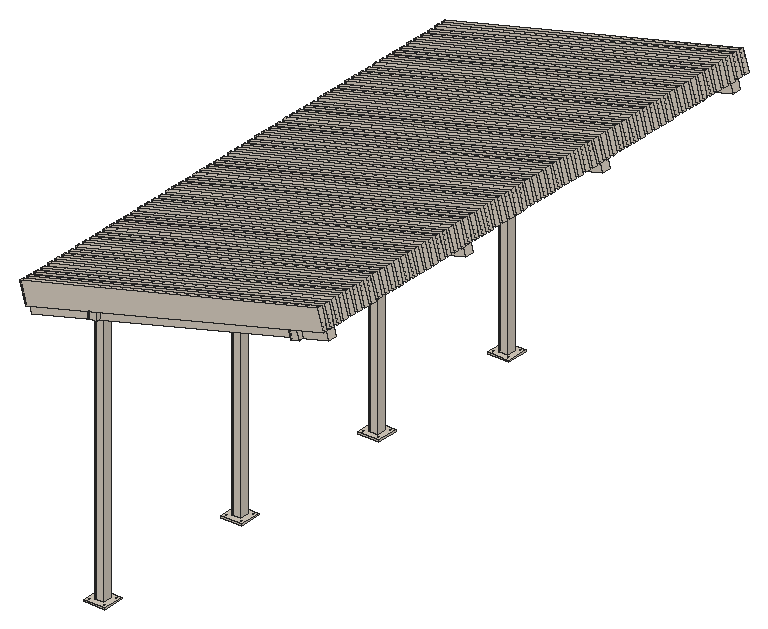
Revit family "Sun-Shades_ATEN_PalmSHIELD", category Generic Models, Revit 2021
Family settings
  Can host rebar = No
  Round Connector Dimension = Use Diameter
  Part Type = Normal
  Work Plane-Based = No
  Always vertical = Yes
  Cut with Voids When Loaded = No
  Shared = No
  Room Calculation Point = No
Parameters (values of type "Wood Finished 2" x 10"")
  Y1 [instance] = Length - 0' 8"  # 19' - 4"
  X3 [instance] = Column Center to Center - 0' 4"  # 6' - 4"
  X2 [instance] = Column Center to Center  # 6' - 8"
  X1 [instance] = (Length - (No. of Inset to Beams Vertical * 8' 0")) - 0' 8"  # 3' - 4"
  Wind & Privacy AD on Option - Vertical Privacy Aluminum Slats [instance] = no
  Wind & Privacy AD on Option - Privacy Planter & Trellis [instance] = no
  Wind & Privacy AD on Option - Privacy Laser Cut Aluminum Panels [instance] = no
  Wind & Privacy AD on Option - Horizontal Privacy Aluminum Slats [instance] = no
  Width [instance] = 12' - 0"
  Wall Purlins Length [instance] = Column Center to Center - 0' 4"  # 6' - 4"
  Wall Purlins Height [instance] = Underhanging Beams Height - 0' 1 3/4"  # 9' - 7"
  Vertical Purlin Length [instance] = Length + 0' 6"  # 20' - 6"
  Vertical Center to center = Purlin Height + 0' 2"  # 1' - 0"
  Underhanging Beams Height [instance] = Height - 0' 3 1/4"  # 9' - 8 3/4"
  URL = "https://palmshieldlouvers.com/"
  Trellis Height = 2' - 11.18099"
  T Height = Trellis Height - 0' 5"  # 2' - 6.18099"
  Standard Roof Options_Underhanging Beams_Vertical [instance] = no
  Standard Roof Options_Overhanging Beams_Vertical [instance] = yes
  Standard Roof Options_Inset to Beams_Horizontal [instance] = no
  Standard Roof Options_Inset to Beams_Vertical [instance] = no
  Specification = "https://www.arcat.com/company/palmshield-53925/spec"
  Roof Pitch [instance] = 15.00°
  Purlin Width Half = Purlin Width / 2  # 0' - 1"
  Purlin Width = 0' - 2"
  Purlins Spacing Desired [instance] = 0' - 2"
  Purlins Spacing Calculated [instance] = (Length - (No. of Purlins * Purlin Width)) / (No. of Purlins - 1)  # 0' - 2.0339"
  Purlin Height = 0' - 10"
  Product Page URL = "https://www.arcat.com/company/palmshield-53925"
  Planter Height = 1' - 6"
  Planter Depth = 1' - 6"
  No. of Wall Purlins in End [instance] = (Y1 / Center to Center)  # 58
  No. of Purlins [instance] = (Length / (Purlin Width + Purlins Spacing Desired))  # 60
  No. of Inset to Beams Vertical [instance] = No. of Columns - 1  # 2
  No. of Horizontal Wall Purlin [instance] = ((Underhanging Beams Height) / Vertical Center to center)  # 10
  No. of Columns [instance] = (Length / 8' 0")  # 3
  No. of BackSide Purlin [instance] = ((Column Center to Center - 0' 6") / Center to Center)  # 18
  Material [instance] = PalmSHIELD - Alloy
  Manufacturer = "PalmSHIELD"  # constant formula
  Length [instance] = 20' - 0"
  Keynote = "06 87 00"
  Inset to Beams Vertical Length [instance] = Column Center to Center - 0' 4"  # 6' - 4"
  Inset Beam Horizontal Length [instance] = Beam Center to Center + 0' 1 29/32"  # 7' - 7 31/32"
  Height [instance] = 10' - 0"
  Finish = "PalmSHIELD - Wood"
  Default Elevation = 0' - 0"
  Copyright = "©ARCAT"  # constant formula
  Column Height [instance] = Height + 0' 3 31/32"  # 10' - 3 31/32"
  Column Center to Center [instance] = Length / No. of Columns  # 6' - 8"
  Center to Center [instance] = Purlin Width + Purlins Spacing Calculated  # 0' - 4.0339"
  CAD Details = "https://www.arcat.com/company/palmshield-53925/cad"
  Beam Length [instance] = Length + 0' 8"  # 20' - 8"
  Beam Center to Center [instance] = Width - 4' 5 15/16"  # 7' - 6 1/16"
  B2 [instance] = Width  # 12' - 0"
  B1 = 3' - 0"
Reference planes (in)
  plane 1 "Center (Front/Back)": y = 0
  plane 2: z = 0
  plane 3 "Center (Left/Right)": x = 0
  plane 4: z = 120
  plane 5: x = 108
  plane 6: x = -36
  plane 7: y = -2
  plane 8: y = -6.0339
  plane 9: y = 236
  plane 10: y = 238
  plane 11: y = 242.0339
  plane 12: x = 2
  plane 13: x = -2
  plane 14: z = 90.67282
  plane 15: z = 124
  plane 16: y = -5.0339
  plane 17: z = 120.74069
  plane 18: y = 241.0339
  plane 19: y = 2.0339
  plane 20: z = 110
  plane 21: z = 109
  plane 22: x = 13
  plane 23: x = 9
  plane 24: z = 113
  plane 25: x = 1.99838
  plane 26: x = 92.06088
  plane 27: y = 80
  plane 28: x = 92.06073
  plane 29: y = 234
  plane 30: y = 194
  plane 31: x = 92.03047
  plane 32: x = 2.00556
  plane 33: x = 2.11453
  plane 34: x = 92.17303
  plane 35: y = 4.0339
  plane 36: y = 232
  plane 37: z = 3
  plane 38: z = 5
  plane 39: y = 231
  plane 40: y = 227
  plane 41: y = 78
  plane 42: y = 2.7839
  plane 43: y = 77.25
  plane 44: x = -26
  plane 45: x = -25.25
  plane 46: x = -2.75
  plane 47: z = 0.75
  plane 48: z = 18
  plane 49: z = 35.18099
  plane 50: z = 33.18099
  plane 51: y = 233.25
  plane 52: y = 194.75
  plane 53: x = -1.75
  plane 54: x = 91
  plane 55: x = 91
  plane 56: z = 4.5
  plane 57: z = 8.5339
  plane 58: y = 82
  plane 59: y = 100
  plane 60: z = 4
  plane 61: z = 16
  plane 62: y = 226.9661
  plane 63: y = 8.0678
  plane 64: z = 125.60046
  plane 65: z = 111.64025
  plane 66: z = 121.74713
Forms (in)
  Extrusion 1, solid, material "PalmSHIELD - Alloy" <- "Material", visible <- "Wind & Privacy AD on Option - Privacy Planter & Trellis"
    sketch origin (0, 0, 0) x (1, 0, 0) y (0, 1, 0)
      loop
        line (-26, 234) -> (-26, 2.0339) -> (-2, 2.0339) -> (-2, 234) -> (-26, 234)
      loop
        line (-25.25, 233.25) -> (-25.25, 2.7839) -> (-2.75, 2.7839) -> (-2.75, 233.25) -> (-25.25, 233.25)
    from 0.75 to 18
  Extrusion 2, solid, material "PalmSHIELD - Alloy" <- "Material", visible <- "Wind & Privacy AD on Option - Privacy Planter & Trellis"
    sketch origin (0, 0, 0) x (1, 0, 0) y (0, 1, 0)
      loop
        line (-26, 234) -> (-26, 2.0339) -> (-2, 2.0339) -> (-2, 234) -> (-26, 234)
    from 0 to 0.75
  Extrusion 3, solid, material "PalmSHIELD - Alloy" <- "Material", visible <- "Wind & Privacy AD on Option - Privacy Laser Cut Aluminum Panels"
    sketch origin (0, 0, 0) x (1, 0, 0) y (0, 1, 0)
      loop
        line (-2, 2.0339) -> (-1.75, 2.0339) -> (-1.75, 234) -> (-2, 234) -> (-2, 2.0339)
    from 3 to 120
Lines and regions (in)
  reference lines
    curve 1: line (-0.3473, -5.0339, 123.85989) -> (-0.3473, -3, 123.85989)
    curve 2: line (2, 0, 124) -> (108, 0, 152.40261)
    curve 3: line (2, 0, 120) -> (108, 0, 148.40261)
Dimensions and locks (in)
  "Height": plane 4 to plane 2
  "Width": plane 5 to plane 6
  "B1": plane 3 "Center (Left/Right)" to plane 6
  "Length": plane 10 to plane 7
  plane 13 to plane 3 "Center (Left/Right)" to plane 12 = 0' - 2" locked, 0' - 2" locked
  "Purlin Width Half": plane 16 to plane 8
  locked: plane 15 to plane 4 at 4
  equal spacing: group 1, group 2, group 3  (x3)
  locked: plane 17 to plane 4 at 0.74069
  "Purlin Width Half": plane 11 to plane 18
  "Purlins Spacing Calculated": plane 1 "Center (Front/Back)" to plane 19
  "Purlin Height": plane 4 to plane 20
  plane 15 to plane 21 = 1' - 3"
  locked: plane 22 to plane 13 at 15
  locked: plane 24 to plane 21 at 4
  plane 5 to plane 6 = 12' - 0"
  locked: plane 5 to plane 26 at 15.93912
  "Beam Center to Center": plane 25 to plane 26
  "Column Center to Center": plane 27 to plane 1 "Center (Front/Back)"
  plane 6 to plane 5 = 12' - 0"
  locked: plane 28 to plane 5 at 15.93927
  locked: plane 9 to plane 29 at 2
  "X1": plane 29 to plane 30
  locked: plane 31 to plane 5 at 15.96953
  locked: plane 3 "Center (Left/Right)" to plane 32 at 2.00556
  locked: plane 3 "Center (Left/Right)" to plane 33 at 2.11453
  locked: plane 34 to plane 5 at 15.82697
  locked: plane 29 to plane 36 at 2
  equal spacing: group 4, group 5, group 6, group 7, group 8, group 9, group 10, group 11, group 12, group 13, group 34, group 35, group 36, group 40, group 41, group 42, group 43, group 44, group 45, group 46, group 47, group 48, group 49, group 50, group 51, group 64, group 65, group 66, group 67, group 68, group 69, group 70, group 71, group 72, group 73, group 74, group 75, group 76, group 77, group 78, group 79, group 80, group 81, group 82, group 83, group 84, group 106, group 107, group 108, group 109, group 110, group 111, group 112, group 113, group 114, group 115, group 116, group 117  (x2)
  equal spacing: group 117, group 116, group 115, group 114, group 113, group 112, group 111, group 110, group 109, group 108, group 107, group 106, group 84, group 83, group 82, group 81, group 80, group 79, group 78, group 77, group 76, group 75, group 74, group 73, group 72, group 71, group 70, group 69, group 68, group 67, group 66, group 65, group 64, group 51, group 50, group 49, group 48, group 47, group 46, group 45, group 44, group 43, group 42, group 41, group 40, group 36, group 35, group 34, group 13, group 12, group 11, group 10, group 9, group 8, group 7, group 6, group 5, group 4
  locked: plane 36 to plane 39 at 1
  locked: plane 39 to plane 40 at 4
  locked: plane 27 to plane 41 at 2
  equal spacing: group 14, group 15, group 16, group 17, group 18, group 19, group 20, group 21, group 22, group 23  (x3)
  locked: plane 19 to plane 42 at 0.75
  locked: plane 41 to plane 43 at 0.75
  locked: plane 44 to plane 45 at 0.75
  locked: plane 46 to plane 13 at 0.75
  locked: plane 47 to plane 2 at 0.75
  "Planter Height": plane 48 to plane 2
  locked: plane 49 to plane 50 at 2
  "Trellis Height": plane 49 to plane 2
  locked: plane 29 to plane 51 at 0.75
  locked: plane 52 to plane 30 at 0.75
  equal spacing: group 24, group 25, group 26, group 27, group 28, group 29, group 30, group 31, group 32, group 33, group 37, group 38, group 39, group 52, group 53, group 54, group 55, group 56, group 57, group 58, group 59, group 60, group 61, group 62, group 63, group 85, group 86, group 87, group 88, group 89, group 90, group 91, group 92, group 93, group 94, group 95, group 96, group 97, group 98, group 99, group 100, group 101, group 102, group 103, group 104, group 105, group 118, group 119, group 120, group 121, group 122, group 123, group 124, group 125, group 126, group 127, group 128, group 129  (x2)
  equal spacing: group 129, group 128, group 127, group 126, group 125, group 124, group 123, group 122, group 121, group 120, group 119, group 118, group 105, group 104, group 103, group 102, group 101, group 100, group 99, group 98, group 97, group 96, group 95, group 94, group 93, group 92, group 91, group 90, group 89, group 88, group 87, group 86, group 85, group 63, group 62, group 61, group 60, group 59, group 58, group 57, group 56, group 55, group 54, group 53, group 52, group 39, group 38, group 37, group 33, group 32, group 31, group 30, group 29, group 28, group 27, group 26, group 25, group 24
  locked: plane 13 to plane 53 at 0.25
  locked: plane 54 to plane 5 at 17
  locked: plane 55 to plane 5 at 17
  locked: plane 47 to plane 56 at 3.75
  "Center to Center": plane 56 to plane 57
  locked: plane 41 to plane 58 at 4
  "Vertical Center to center": plane 61 to plane 60
  locked: plane 60 to plane 47 at 3.25
  "Center to Center": plane 62 to plane 39
  "Center to Center": plane 35 to plane 63
  locked: Extrusion 1 sketch curve to Extrusion 1 sketch curve at 0.75
  locked: plane 64 to plane 15 at 1.60046
  locked: plane 65 to plane 20 at 1.64025
  locked: plane 15 to plane 66 at 2.25287
  plane 9 to plane 36 = 0' - 4"
  "Center to Center": plane 1 "Center (Front/Back)" to plane 35
  locked: nested 113 to curve 3 at 15.65138
  plane 1 "Center (Front/Back)" to plane 27 = 6' - 8"
  nested 1 to nested 1 = 10' - 3 31/32"
  "Purlin Width": nested 1 to plane 7
  "Center to Center": plane 7 to plane 8
  "Center to Center": plane 11 to plane 10
  "Purlin Width": plane 10 to plane 9
  "Roof Pitch": angle plane 15 to curve 2
  "Roof Pitch": angle plane 4 to curve 3
  aligned and locked: plane 2 to level
  aligned and locked: nested 2 to plane 3 "Center (Left/Right)"
  aligned and locked: plane 13 to nested 3
  aligned and locked: nested 3 to plane 4
  aligned and locked: nested 2 to plane 9
  aligned and locked: plane 29 to nested 16
  aligned and locked: plane 3 "Center (Left/Right)" to nested 16
  aligned and locked: plane 3 "Center (Left/Right)" to nested 17
  aligned and locked: Extrusion 1 sketch curve to plane 29
  aligned and locked: Extrusion 1 sketch curve to plane 51
  aligned and locked: Extrusion 1 sketch curve to plane 44
  aligned and locked: Extrusion 1 sketch curve to plane 45
  aligned and locked: plane 13 to Extrusion 1 sketch curve
  aligned and locked: plane 46 to Extrusion 1 sketch curve
  aligned and locked: Extrusion 1 to plane 47
  aligned and locked: plane 48 to Extrusion 1
  aligned and locked: Extrusion 2 sketch curve to plane 29
  aligned and locked: Extrusion 2 sketch curve to plane 44
  aligned and locked: plane 13 to Extrusion 2 sketch curve
  aligned and locked: plane 29 to nested 26
  aligned and locked: nested 37 to plane 49
  aligned and locked: plane 38 to nested 26
  aligned and locked: plane 3 "Center (Left/Right)" to nested 26
  aligned and locked: plane 3 "Center (Left/Right)" to nested 37
  aligned and locked: plane 29 to nested 37
  aligned and locked: plane 13 to Extrusion 3 sketch curve
  aligned and locked: plane 53 to Extrusion 3 sketch curve
  aligned and locked: Extrusion 3 sketch curve to plane 29
  aligned and locked: nested 4 to plane 27
  aligned and locked: plane 60 to nested 16
  aligned and locked: plane 61 to nested 17
  aligned and locked: nested 6 to plane 39
  aligned and locked: nested 7 to plane 62
  aligned and locked: plane 29 to nested 17
  aligned and locked: nested 27 to plane 39
  aligned and locked: nested 28 to plane 62
  aligned and locked: plane 19 to Extrusion 3
  aligned and locked: plane 19 to Extrusion 1 sketch curve
  aligned and locked: plane 19 to Extrusion 2
  aligned and locked: Extrusion 3 to plane 4
  aligned and locked: nested 110 to plane 37
  aligned and locked: plane 19 to nested 110
  aligned and locked: plane 12 to curve 2
  aligned and locked: plane 15 to curve 2
  aligned and locked: plane 5 to curve 2
  aligned and locked: plane 12 to curve 3
  aligned and locked: plane 4 to curve 3
  aligned and locked: plane 5 to curve 3
  aligned and locked: nested 112 to curve 3  (x2)
  aligned and locked: nested 113 to plane 8
  aligned and locked: nested 113 to curve 3
  aligned and locked: plane 1 "Center (Front/Back)" to nested 1
  aligned and locked: nested 1 to plane 3 "Center (Left/Right)"
  aligned and locked: nested 4 to plane 3 "Center (Left/Right)"
  aligned and locked: plane 2 to nested 2
  aligned and locked: plane 35 to nested 138
  aligned and locked: nested 139 to plane 35
  aligned and locked: nested 139 to curve 3
  aligned and locked: nested 138 to curve 3
  aligned and locked: nested 140 to plane 8
  aligned and locked: nested 141 to plane 8
  aligned and locked: plane 11 to nested 142
  aligned and locked: plane 11 to nested 143
  aligned and locked: nested 1 to curve 3
  aligned and locked: nested 140 to curve 2
  aligned and locked: nested 143 to curve 2
  aligned and locked: nested 141 to curve 3
  aligned and locked: nested 142 to curve 3
  aligned and locked: plane 7 to nested 111
  aligned and locked: plane 7 to nested 112
  aligned and locked: nested 111 to curve 2
Automatic sketch dimensions
  Extrusion 3 sketch curve to plane 30 = 15' - 11.9661"
  Extrusion 2 sketch curve to plane 30 = 15' - 11.9661"
  plane 16 to curve 1 = 0' - 0"
  curve 1 to plane 7 = 0' - 1"
Nested families (in)
  nested 1: "STEEL SQ TUBE 4 X 4 X 0.25 CAPPED ASTM A500 GR.B" at (0, 0, 0), type "STEEL SQ TUBE 4 X 4 X 0.25 CAPPED ASTM A500 GR.B"
  nested 2: "STEEL SQ TUBE 4 X 4 X 0.25 CAPPED ASTM A500 GR.B" at (0, 236, 0), type "STEEL SQ TUBE 4 X 4 X 0.25 CAPPED ASTM A500 GR.B"
  nested 3: "STEEL SQ BEAM" at (-2, -6, 120) x (-1, 0, 0) z (0, 0, 1), type "STEEL SQ BEAM"
  nested 4: "STEEL SQ TUBE 4 X 4 X 0.25 CAPPED ASTM A500 GR.B" at (0, 80, 0), type "STEEL SQ TUBE 4 X 4 X 0.25 CAPPED ASTM A500 GR.B"
  nested 5: "STEEL SQ TUBE 4 X 4 X 0.25 CAPPED ASTM A500 GR.B" at (0, 160, 0), type "STEEL SQ TUBE 4 X 4 X 0.25 CAPPED ASTM A500 GR.B"
  nested 6: "Vertical Purlin" at (0, 231, 5), visible <- "Wind & Privacy AD on Option - Vertical Privacy Aluminum Slats", type "Vertical Purlin"
  nested 7: "Vertical Purlin" at (0, 226.9661, 5), visible <- "Wind & Privacy AD on Option - Vertical Privacy Aluminum Slats", type "Vertical Purlin"
  nested 8: "Vertical Purlin" at (0, 222.9322, 5), visible <- "Wind & Privacy AD on Option - Vertical Privacy Aluminum Slats", type "Vertical Purlin"
  nested 9: "Vertical Purlin" at (0, 218.89831, 5), visible <- "Wind & Privacy AD on Option - Vertical Privacy Aluminum Slats", type "Vertical Purlin"
  nested 10: "Vertical Purlin" at (0, 214.86441, 5), visible <- "Wind & Privacy AD on Option - Vertical Privacy Aluminum Slats", type "Vertical Purlin"
  nested 11: "Vertical Purlin" at (0, 210.83051, 5), visible <- "Wind & Privacy AD on Option - Vertical Privacy Aluminum Slats", type "Vertical Purlin"
  nested 12: "Vertical Purlin" at (0, 206.79661, 5), visible <- "Wind & Privacy AD on Option - Vertical Privacy Aluminum Slats", type "Vertical Purlin"
  nested 13: "Vertical Purlin" at (0, 202.76271, 5), visible <- "Wind & Privacy AD on Option - Vertical Privacy Aluminum Slats", type "Vertical Purlin"
  nested 14: "Vertical Purlin" at (0, 198.72881, 5), visible <- "Wind & Privacy AD on Option - Vertical Privacy Aluminum Slats", type "Vertical Purlin"
  nested 15: "Vertical Purlin" at (0, 194.69492, 5), visible <- "Wind & Privacy AD on Option - Vertical Privacy Aluminum Slats", type "Vertical Purlin"
  nested 16: "ALUMINUM RECT TUBE PURLIN" at (0, 118, -1.125), visible <- "Wind & Privacy AD on Option - Horizontal Privacy Aluminum Slats", type "Aluminum Rect Tube Wall Purlins Horizontal"
  nested 17: "ALUMINUM RECT TUBE PURLIN" at (0, 118, 10.875), visible <- "Wind & Privacy AD on Option - Horizontal Privacy Aluminum Slats", type "Aluminum Rect Tube Wall Purlins Horizontal"
  nested 18: "ALUMINUM RECT TUBE PURLIN" at (0, 118, 22.875), visible <- "Wind & Privacy AD on Option - Horizontal Privacy Aluminum Slats", type "Aluminum Rect Tube Wall Purlins Horizontal"
  nested 19: "ALUMINUM RECT TUBE PURLIN" at (0, 118, 34.875), visible <- "Wind & Privacy AD on Option - Horizontal Privacy Aluminum Slats", type "Aluminum Rect Tube Wall Purlins Horizontal"
  nested 20: "ALUMINUM RECT TUBE PURLIN" at (0, 118, 46.875), visible <- "Wind & Privacy AD on Option - Horizontal Privacy Aluminum Slats", type "Aluminum Rect Tube Wall Purlins Horizontal"
  nested 21: "ALUMINUM RECT TUBE PURLIN" at (0, 118, 58.875), visible <- "Wind & Privacy AD on Option - Horizontal Privacy Aluminum Slats", type "Aluminum Rect Tube Wall Purlins Horizontal"
  nested 22: "ALUMINUM RECT TUBE PURLIN" at (0, 118, 70.875), visible <- "Wind & Privacy AD on Option - Horizontal Privacy Aluminum Slats", type "Aluminum Rect Tube Wall Purlins Horizontal"
  nested 23: "ALUMINUM RECT TUBE PURLIN" at (0, 118, 82.875), visible <- "Wind & Privacy AD on Option - Horizontal Privacy Aluminum Slats", type "Aluminum Rect Tube Wall Purlins Horizontal"
  nested 24: "ALUMINUM RECT TUBE PURLIN" at (0, 118, 94.875), visible <- "Wind & Privacy AD on Option - Horizontal Privacy Aluminum Slats", type "Aluminum Rect Tube Wall Purlins Horizontal"
  nested 25: "ALUMINUM RECT TUBE PURLIN" at (0, 118, 106.875), visible <- "Wind & Privacy AD on Option - Horizontal Privacy Aluminum Slats", type "Aluminum Rect Tube Wall Purlins Horizontal"
  nested 26: "ALUMINUM RECT TUBE PURLIN" at (0, 118, 2.875), visible <- "Wind & Privacy AD on Option - Privacy Planter & Trellis", type "Trellis Purlin"
  nested 27: "Vertical Purlin" at (0, 231, 5), visible <- "Wind & Privacy AD on Option - Privacy Planter & Trellis", type "Trellis Vertical Purlin"
  nested 28: "Vertical Purlin" at (0, 226.9661, 5), visible <- "Wind & Privacy AD on Option - Privacy Planter & Trellis", type "Trellis Vertical Purlin"
  nested 29: "Vertical Purlin" at (0, 222.9322, 5), visible <- "Wind & Privacy AD on Option - Privacy Planter & Trellis", type "Trellis Vertical Purlin"
  nested 30: "Vertical Purlin" at (0, 218.89831, 5), visible <- "Wind & Privacy AD on Option - Privacy Planter & Trellis", type "Trellis Vertical Purlin"
  nested 31: "Vertical Purlin" at (0, 214.86441, 5), visible <- "Wind & Privacy AD on Option - Privacy Planter & Trellis", type "Trellis Vertical Purlin"
  nested 32: "Vertical Purlin" at (0, 210.83051, 5), visible <- "Wind & Privacy AD on Option - Privacy Planter & Trellis", type "Trellis Vertical Purlin"
  nested 33: "Vertical Purlin" at (0, 206.79661, 5), visible <- "Wind & Privacy AD on Option - Privacy Planter & Trellis", type "Trellis Vertical Purlin"
  nested 34: "Vertical Purlin" at (0, 202.76271, 5), visible <- "Wind & Privacy AD on Option - Privacy Planter & Trellis", type "Trellis Vertical Purlin"
  nested 35: "Vertical Purlin" at (0, 198.72881, 5), visible <- "Wind & Privacy AD on Option - Privacy Planter & Trellis", type "Trellis Vertical Purlin"
  nested 36: "Vertical Purlin" at (0, 194.69492, 5), visible <- "Wind & Privacy AD on Option - Privacy Planter & Trellis", type "Trellis Vertical Purlin"
  nested 37: "ALUMINUM RECT TUBE PURLIN" at (0, 118, 35.05599), visible <- "Wind & Privacy AD on Option - Privacy Planter & Trellis", type "Trellis Purlin"
  nested 38: "Vertical Purlin" at (0, 190.66102, 5), visible <- "Wind & Privacy AD on Option - Vertical Privacy Aluminum Slats", type "Vertical Purlin"
  nested 39: "Vertical Purlin" at (0, 186.62712, 5), visible <- "Wind & Privacy AD on Option - Vertical Privacy Aluminum Slats", type "Vertical Purlin"
  nested 40: "Vertical Purlin" at (0, 182.59322, 5), visible <- "Wind & Privacy AD on Option - Vertical Privacy Aluminum Slats", type "Vertical Purlin"
  nested 41: "Vertical Purlin" at (0, 190.66102, 5), visible <- "Wind & Privacy AD on Option - Privacy Planter & Trellis", type "Trellis Vertical Purlin"
  nested 42: "Vertical Purlin" at (0, 186.62712, 5), visible <- "Wind & Privacy AD on Option - Privacy Planter & Trellis", type "Trellis Vertical Purlin"
  nested 43: "Vertical Purlin" at (0, 182.59322, 5), visible <- "Wind & Privacy AD on Option - Privacy Planter & Trellis", type "Trellis Vertical Purlin"
  nested 44: "Vertical Purlin" at (0, 178.55932, 5), visible <- "Wind & Privacy AD on Option - Vertical Privacy Aluminum Slats", type "Vertical Purlin"
  nested 45: "Vertical Purlin" at (0, 174.52542, 5), visible <- "Wind & Privacy AD on Option - Vertical Privacy Aluminum Slats", type "Vertical Purlin"
  nested 46: "Vertical Purlin" at (0, 170.49153, 5), visible <- "Wind & Privacy AD on Option - Vertical Privacy Aluminum Slats", type "Vertical Purlin"
  nested 47: "Vertical Purlin" at (0, 166.45763, 5), visible <- "Wind & Privacy AD on Option - Vertical Privacy Aluminum Slats", type "Vertical Purlin"
  nested 48: "Vertical Purlin" at (0, 162.42373, 5), visible <- "Wind & Privacy AD on Option - Vertical Privacy Aluminum Slats", type "Vertical Purlin"
  nested 49: "Vertical Purlin" at (0, 158.38983, 5), visible <- "Wind & Privacy AD on Option - Vertical Privacy Aluminum Slats", type "Vertical Purlin"
  nested 50: "Vertical Purlin" at (0, 154.35593, 5), visible <- "Wind & Privacy AD on Option - Vertical Privacy Aluminum Slats", type "Vertical Purlin"
  nested 51: "Vertical Purlin" at (0, 150.32203, 5), visible <- "Wind & Privacy AD on Option - Vertical Privacy Aluminum Slats", type "Vertical Purlin"
  nested 52: "Vertical Purlin" at (0, 146.28814, 5), visible <- "Wind & Privacy AD on Option - Vertical Privacy Aluminum Slats", type "Vertical Purlin"
  nested 53: "Vertical Purlin" at (0, 142.25424, 5), visible <- "Wind & Privacy AD on Option - Vertical Privacy Aluminum Slats", type "Vertical Purlin"
  nested 54: "Vertical Purlin" at (0, 138.22034, 5), visible <- "Wind & Privacy AD on Option - Vertical Privacy Aluminum Slats", type "Vertical Purlin"
  nested 55: "Vertical Purlin" at (0, 134.18644, 5), visible <- "Wind & Privacy AD on Option - Vertical Privacy Aluminum Slats", type "Vertical Purlin"
  nested 56: "Vertical Purlin" at (0, 178.55932, 5), visible <- "Wind & Privacy AD on Option - Privacy Planter & Trellis", type "Trellis Vertical Purlin"
  nested 57: "Vertical Purlin" at (0, 174.52542, 5), visible <- "Wind & Privacy AD on Option - Privacy Planter & Trellis", type "Trellis Vertical Purlin"
  nested 58: "Vertical Purlin" at (0, 170.49153, 5), visible <- "Wind & Privacy AD on Option - Privacy Planter & Trellis", type "Trellis Vertical Purlin"
  nested 59: "Vertical Purlin" at (0, 166.45763, 5), visible <- "Wind & Privacy AD on Option - Privacy Planter & Trellis", type "Trellis Vertical Purlin"
  nested 60: "Vertical Purlin" at (0, 162.42373, 5), visible <- "Wind & Privacy AD on Option - Privacy Planter & Trellis", type "Trellis Vertical Purlin"
  nested 61: "Vertical Purlin" at (0, 158.38983, 5), visible <- "Wind & Privacy AD on Option - Privacy Planter & Trellis", type "Trellis Vertical Purlin"
  nested 62: "Vertical Purlin" at (0, 154.35593, 5), visible <- "Wind & Privacy AD on Option - Privacy Planter & Trellis", type "Trellis Vertical Purlin"
  nested 63: "Vertical Purlin" at (0, 150.32203, 5), visible <- "Wind & Privacy AD on Option - Privacy Planter & Trellis", type "Trellis Vertical Purlin"
  nested 64: "Vertical Purlin" at (0, 146.28814, 5), visible <- "Wind & Privacy AD on Option - Privacy Planter & Trellis", type "Trellis Vertical Purlin"
  nested 65: "Vertical Purlin" at (0, 142.25424, 5), visible <- "Wind & Privacy AD on Option - Privacy Planter & Trellis", type "Trellis Vertical Purlin"
  nested 66: "Vertical Purlin" at (0, 138.22034, 5), visible <- "Wind & Privacy AD on Option - Privacy Planter & Trellis", type "Trellis Vertical Purlin"
  nested 67: "Vertical Purlin" at (0, 134.18644, 5), visible <- "Wind & Privacy AD on Option - Privacy Planter & Trellis", type "Trellis Vertical Purlin"
  nested 68: "Vertical Purlin" at (0, 130.15254, 5), visible <- "Wind & Privacy AD on Option - Vertical Privacy Aluminum Slats", type "Vertical Purlin"
  nested 69: "Vertical Purlin" at (0, 126.11864, 5), visible <- "Wind & Privacy AD on Option - Vertical Privacy Aluminum Slats", type "Vertical Purlin"
  nested 70: "Vertical Purlin" at (0, 122.08475, 5), visible <- "Wind & Privacy AD on Option - Vertical Privacy Aluminum Slats", type "Vertical Purlin"
  nested 71: "Vertical Purlin" at (0, 118.05085, 5), visible <- "Wind & Privacy AD on Option - Vertical Privacy Aluminum Slats", type "Vertical Purlin"
  nested 72: "Vertical Purlin" at (0, 114.01695, 5), visible <- "Wind & Privacy AD on Option - Vertical Privacy Aluminum Slats", type "Vertical Purlin"
  nested 73: "Vertical Purlin" at (0, 109.98305, 5), visible <- "Wind & Privacy AD on Option - Vertical Privacy Aluminum Slats", type "Vertical Purlin"
  nested 74: "Vertical Purlin" at (0, 105.94915, 5), visible <- "Wind & Privacy AD on Option - Vertical Privacy Aluminum Slats", type "Vertical Purlin"
  nested 75: "Vertical Purlin" at (0, 101.91525, 5), visible <- "Wind & Privacy AD on Option - Vertical Privacy Aluminum Slats", type "Vertical Purlin"
  nested 76: "Vertical Purlin" at (0, 97.88136, 5), visible <- "Wind & Privacy AD on Option - Vertical Privacy Aluminum Slats", type "Vertical Purlin"
  nested 77: "Vertical Purlin" at (0, 93.84746, 5), visible <- "Wind & Privacy AD on Option - Vertical Privacy Aluminum Slats", type "Vertical Purlin"
  nested 78: "Vertical Purlin" at (0, 89.81356, 5), visible <- "Wind & Privacy AD on Option - Vertical Privacy Aluminum Slats", type "Vertical Purlin"
  nested 79: "Vertical Purlin" at (0, 85.77966, 5), visible <- "Wind & Privacy AD on Option - Vertical Privacy Aluminum Slats", type "Vertical Purlin"
  nested 80: "Vertical Purlin" at (0, 81.74576, 5), visible <- "Wind & Privacy AD on Option - Vertical Privacy Aluminum Slats", type "Vertical Purlin"
  nested 81: "Vertical Purlin" at (0, 77.71186, 5), visible <- "Wind & Privacy AD on Option - Vertical Privacy Aluminum Slats", type "Vertical Purlin"
  nested 82: "Vertical Purlin" at (0, 73.67797, 5), visible <- "Wind & Privacy AD on Option - Vertical Privacy Aluminum Slats", type "Vertical Purlin"
  nested 83: "Vertical Purlin" at (0, 69.64407, 5), visible <- "Wind & Privacy AD on Option - Vertical Privacy Aluminum Slats", type "Vertical Purlin"
  nested 84: "Vertical Purlin" at (0, 65.61017, 5), visible <- "Wind & Privacy AD on Option - Vertical Privacy Aluminum Slats", type "Vertical Purlin"
  nested 85: "Vertical Purlin" at (0, 61.57627, 5), visible <- "Wind & Privacy AD on Option - Vertical Privacy Aluminum Slats", type "Vertical Purlin"
  nested 86: "Vertical Purlin" at (0, 57.54237, 5), visible <- "Wind & Privacy AD on Option - Vertical Privacy Aluminum Slats", type "Vertical Purlin"
  nested 87: "Vertical Purlin" at (0, 53.50847, 5), visible <- "Wind & Privacy AD on Option - Vertical Privacy Aluminum Slats", type "Vertical Purlin"
  nested 88: "Vertical Purlin" at (0, 49.47458, 5), visible <- "Wind & Privacy AD on Option - Vertical Privacy Aluminum Slats", type "Vertical Purlin"
  nested 89: "Vertical Purlin" at (0, 130.15254, 5), visible <- "Wind & Privacy AD on Option - Privacy Planter & Trellis", type "Trellis Vertical Purlin"
  nested 90: "Vertical Purlin" at (0, 126.11864, 5), visible <- "Wind & Privacy AD on Option - Privacy Planter & Trellis", type "Trellis Vertical Purlin"
  nested 91: "Vertical Purlin" at (0, 122.08475, 5), visible <- "Wind & Privacy AD on Option - Privacy Planter & Trellis", type "Trellis Vertical Purlin"
  nested 92: "Vertical Purlin" at (0, 118.05085, 5), visible <- "Wind & Privacy AD on Option - Privacy Planter & Trellis", type "Trellis Vertical Purlin"
  nested 93: "Vertical Purlin" at (0, 114.01695, 5), visible <- "Wind & Privacy AD on Option - Privacy Planter & Trellis", type "Trellis Vertical Purlin"
  nested 94: "Vertical Purlin" at (0, 109.98305, 5), visible <- "Wind & Privacy AD on Option - Privacy Planter & Trellis", type "Trellis Vertical Purlin"
  nested 95: "Vertical Purlin" at (0, 105.94915, 5), visible <- "Wind & Privacy AD on Option - Privacy Planter & Trellis", type "Trellis Vertical Purlin"
  nested 96: "Vertical Purlin" at (0, 101.91525, 5), visible <- "Wind & Privacy AD on Option - Privacy Planter & Trellis", type "Trellis Vertical Purlin"
  nested 97: "Vertical Purlin" at (0, 97.88136, 5), visible <- "Wind & Privacy AD on Option - Privacy Planter & Trellis", type "Trellis Vertical Purlin"
  nested 98: "Vertical Purlin" at (0, 93.84746, 5), visible <- "Wind & Privacy AD on Option - Privacy Planter & Trellis", type "Trellis Vertical Purlin"
  nested 99: "Vertical Purlin" at (0, 89.81356, 5), visible <- "Wind & Privacy AD on Option - Privacy Planter & Trellis", type "Trellis Vertical Purlin"
  nested 100: "Vertical Purlin" at (0, 85.77966, 5), visible <- "Wind & Privacy AD on Option - Privacy Planter & Trellis", type "Trellis Vertical Purlin"
  nested 101: "Vertical Purlin" at (0, 81.74576, 5), visible <- "Wind & Privacy AD on Option - Privacy Planter & Trellis", type "Trellis Vertical Purlin"
  nested 102: "Vertical Purlin" at (0, 77.71186, 5), visible <- "Wind & Privacy AD on Option - Privacy Planter & Trellis", type "Trellis Vertical Purlin"
  nested 103: "Vertical Purlin" at (0, 73.67797, 5), visible <- "Wind & Privacy AD on Option - Privacy Planter & Trellis", type "Trellis Vertical Purlin"
  nested 104: "Vertical Purlin" at (0, 69.64407, 5), visible <- "Wind & Privacy AD on Option - Privacy Planter & Trellis", type "Trellis Vertical Purlin"
  nested 105: "Vertical Purlin" at (0, 65.61017, 5), visible <- "Wind & Privacy AD on Option - Privacy Planter & Trellis", type "Trellis Vertical Purlin"
  nested 106: "Vertical Purlin" at (0, 61.57627, 5), visible <- "Wind & Privacy AD on Option - Privacy Planter & Trellis", type "Trellis Vertical Purlin"
  nested 107: "Vertical Purlin" at (0, 57.54237, 5), visible <- "Wind & Privacy AD on Option - Privacy Planter & Trellis", type "Trellis Vertical Purlin"
  nested 108: "Vertical Purlin" at (0, 53.50847, 5), visible <- "Wind & Privacy AD on Option - Privacy Planter & Trellis", type "Trellis Vertical Purlin"
  nested 109: "Vertical Purlin" at (0, 49.47458, 5), visible <- "Wind & Privacy AD on Option - Privacy Planter & Trellis", type "Trellis Vertical Purlin"
  nested 110: "ALUMINUM RECT TUBE PURLIN" at (0, 118.0339, 2.875), visible <- "Wind & Privacy AD on Option - Vertical Privacy Aluminum Slats", type "Trellis Purlin"
  nested 111: "Family1" at (-31.09332, 118, 115.13267) x (0, -1, 0) z (-0.2588, 0, 0.9659), visible <- "Standard Roof Options_Overhanging Beams_Vertical", type "Overhanging Beams"
  nested 112: "Family1" at (108, 118, 148.40261) x (0, -1, 0) z (0.2588, 0, -0.9659), visible <- "Standard Roof Options_Underhanging Beams_Vertical", type "Overhanging Beams"
  nested 113: "STEEL SQ BEAM" at (96.74563, -6.0339, 145.38702) x (0.9659, 0, 0.2588) z (-0.2588, 0, 0.9659), type "STEEL SQ BEAM"
  nested 114: "Vertical Purlin" at (0, 45.44068, 5), visible <- "Wind & Privacy AD on Option - Vertical Privacy Aluminum Slats", type "Vertical Purlin"
  nested 115: "Vertical Purlin" at (0, 41.40678, 5), visible <- "Wind & Privacy AD on Option - Vertical Privacy Aluminum Slats", type "Vertical Purlin"
  nested 116: "Vertical Purlin" at (0, 37.37288, 5), visible <- "Wind & Privacy AD on Option - Vertical Privacy Aluminum Slats", type "Vertical Purlin"
  nested 117: "Vertical Purlin" at (0, 33.33898, 5), visible <- "Wind & Privacy AD on Option - Vertical Privacy Aluminum Slats", type "Vertical Purlin"
  nested 118: "Vertical Purlin" at (0, 29.30508, 5), visible <- "Wind & Privacy AD on Option - Vertical Privacy Aluminum Slats", type "Vertical Purlin"
  nested 119: "Vertical Purlin" at (0, 25.27119, 5), visible <- "Wind & Privacy AD on Option - Vertical Privacy Aluminum Slats", type "Vertical Purlin"
  nested 120: "Vertical Purlin" at (0, 21.23729, 5), visible <- "Wind & Privacy AD on Option - Vertical Privacy Aluminum Slats", type "Vertical Purlin"
  nested 121: "Vertical Purlin" at (0, 17.20339, 5), visible <- "Wind & Privacy AD on Option - Vertical Privacy Aluminum Slats", type "Vertical Purlin"
  nested 122: "Vertical Purlin" at (0, 13.16949, 5), visible <- "Wind & Privacy AD on Option - Vertical Privacy Aluminum Slats", type "Vertical Purlin"
  nested 123: "Vertical Purlin" at (0, 9.13559, 5), visible <- "Wind & Privacy AD on Option - Vertical Privacy Aluminum Slats", type "Vertical Purlin"
  nested 124: "Vertical Purlin" at (0, 5.10169, 5), visible <- "Wind & Privacy AD on Option - Vertical Privacy Aluminum Slats", type "Vertical Purlin"
  nested 125: "Vertical Purlin" at (0, 1.0678, 5), visible <- "Wind & Privacy AD on Option - Vertical Privacy Aluminum Slats", type "Vertical Purlin"
  nested 126: "Vertical Purlin" at (0, 45.44068, 5), visible <- "Wind & Privacy AD on Option - Privacy Planter & Trellis", type "Trellis Vertical Purlin"
  nested 127: "Vertical Purlin" at (0, 41.40678, 5), visible <- "Wind & Privacy AD on Option - Privacy Planter & Trellis", type "Trellis Vertical Purlin"
  nested 128: "Vertical Purlin" at (0, 37.37288, 5), visible <- "Wind & Privacy AD on Option - Privacy Planter & Trellis", type "Trellis Vertical Purlin"
  nested 129: "Vertical Purlin" at (0, 33.33898, 5), visible <- "Wind & Privacy AD on Option - Privacy Planter & Trellis", type "Trellis Vertical Purlin"
  nested 130: "Vertical Purlin" at (0, 29.30508, 5), visible <- "Wind & Privacy AD on Option - Privacy Planter & Trellis", type "Trellis Vertical Purlin"
  nested 131: "Vertical Purlin" at (0, 25.27119, 5), visible <- "Wind & Privacy AD on Option - Privacy Planter & Trellis", type "Trellis Vertical Purlin"
  nested 132: "Vertical Purlin" at (0, 21.23729, 5), visible <- "Wind & Privacy AD on Option - Privacy Planter & Trellis", type "Trellis Vertical Purlin"
  nested 133: "Vertical Purlin" at (0, 17.20339, 5), visible <- "Wind & Privacy AD on Option - Privacy Planter & Trellis", type "Trellis Vertical Purlin"
  nested 134: "Vertical Purlin" at (0, 13.16949, 5), visible <- "Wind & Privacy AD on Option - Privacy Planter & Trellis", type "Trellis Vertical Purlin"
  nested 135: "Vertical Purlin" at (0, 9.13559, 5), visible <- "Wind & Privacy AD on Option - Privacy Planter & Trellis", type "Trellis Vertical Purlin"
  nested 136: "Vertical Purlin" at (0, 5.10169, 5), visible <- "Wind & Privacy AD on Option - Privacy Planter & Trellis", type "Trellis Vertical Purlin"
  nested 137: "Vertical Purlin" at (0, 1.0678, 5), visible <- "Wind & Privacy AD on Option - Privacy Planter & Trellis", type "Trellis Vertical Purlin"
  nested 138: "Inset Beam Vertical" at (2, 4.0339, 120) x (0, 1, 0) z (-0.2588, 0, 0.9659), visible <- "Standard Roof Options_Inset to Beams_Vertical", Purlin Spacing Desired <- "Purlins Spacing Desired", Number of inset beam vertical <- "No. of Inset to Beams Vertical", L <- "Beam Center to Center", type "Inset Beam Vertical"
    with Vertical Purlin 23, Purlin Width Half 0' - 1", Purlin Spacing Desired 0' - 2", Purlin Spacing Calculated 0' - 2.00284", Number of inset beam vertical 2, L 7' - 6 1/16", Center to Center 0' - 4.00284", Beam center to center 0' - 4"
  nested 139: "Family7" at (2, 236.0339, 120) x (0.9659, 0, 0.2588) z (-0.2588, 0, 0.9659), visible <- "Standard Roof Options_Inset to Beams_Horizontal", Purlin Spacing Desired <- "Purlins Spacing Desired", type "Inset to Beams_Horizontal"
    with Vertical Purlin 58, Purlin Spacing Desired 0' - 2", Purlin Spacing Calculated 0' - 2.03509", Center to Center 0' - 4.03509"
  nested 140: "RECT.TUBE PURLINS" at (-31.09332, -5.0339, 115.13267) x (0, 1, 0) z (-0.2588, 0, 0.9659), visible <- "Standard Roof Options_Overhanging Beams_Vertical", type "RECT.TUBE PURLINS"
  nested 141: "RECT.TUBE PURLINS" at (108, -5.0339, 148.40261) x (0, 1, 0) z (0.2588, 0, -0.9659), visible <- "Standard Roof Options_Underhanging Beams_Vertical", type "RECT.TUBE PURLINS"
  nested 142: "RECT.TUBE PURLINS" at (108, 241.0339, 148.40261) x (0, 1, 0) z (0.2588, 0, -0.9659), visible <- "Standard Roof Options_Underhanging Beams_Vertical", type "RECT.TUBE PURLINS"
  nested 143: "RECT.TUBE PURLINS" at (-31.09332, 241.0339, 115.13267) x (0, 1, 0) z (-0.2588, 0, 0.9659), visible <- "Standard Roof Options_Overhanging Beams_Vertical", type "RECT.TUBE PURLINS"
Definition of nested family "STEEL SQ TUBE 4 X 4 X 0.25 CAPPED ASTM A500 GR.B"
  Parameters (values of type "STEEL SQ TUBE 4 X 4 X 0.25 CAPPED ASTM A500 GR.B")
    roof pitch = 10.00°
    Purlin Length = 15' - 0"
    WIDTH = 0' - 4"
    STEEL = none
    Material [instance] = none
    HEIGHT = 15' - 0"
    Default Elevation = 0' - 0"
    DEPTH = 0' - 4"
    BASE PLATE WIDTH = 0' - 10"
    BASE PLATE THICKNESS = 0' - 0 3/4"
    BASE PLATE DEPTH = 0' - 10"
    B1 = 3' - 0"
  Reference planes (in)
    plane 1 "Center (Front/Back)": y = 0
    plane 2: z = 0
    plane 3 "Center (Left/Right)": x = 0
    plane 4: y = 2
    plane 5: y = -2
    plane 6: x = -2
    plane 7: x = 2
    plane 8: x = -1.75
    plane 9: x = 1.75
    plane 10: y = 1.75
    plane 11: y = -1.75
    plane 12: z = 180
    plane 13: x = -5
    plane 14: x = 5
    plane 15: y = 5
    plane 16: y = -5
    plane 17: z = 0.75
    plane 18: y = 3.5
    plane 19: y = -3.5
    plane 20: x = -3.5
    plane 21: x = 3.5
    plane 22: z = 179.75
    plane 23: x = -36
    plane 24: x = 144
  Forms (in)
    Extrusion 1, solid, material <- "STEEL"
      sketch origin (0, 0, 0) x (1, 0, 0) y (0, 1, 0)
        loop
          line (-2, 2) -> (-2, -2) -> (2, -2) -> (2, 2) -> (-2, 2)
        loop
          line (-1.75, 1.75) -> (-1.75, -1.75) -> (1.75, -1.75) -> (1.75, 1.75) -> (-1.75, 1.75)
      from 0.75 to 180
    Extrusion 2, solid, material <- "STEEL"
      sketch origin (0, 0, 0) x (1, 0, 0) y (0, 1, 0)
        loop
          line (-5, 5) -> (-5, -5) -> (5, -5) -> (5, 5) -> (-5, 5)
      from 0 to 0.75
    Extrusion 3, void
      sketch origin (0, 0, 0) x (1, 0, 0) y (0, 1, 0)
        loop
          circle (-3.5, 3.5) r 0.25
        loop
          circle (-3.5, -3.5) r 0.25
        loop
          circle (3.5, 3.5) r 0.25
        loop
          circle (3.5, -3.5) r 0.25
      from 0 to 0.75
    Extrusion 4, solid, material <- "STEEL"
      sketch origin (0, 0, 0) x (1, 0, 0) y (0, 1, 0)
        loop
          line (-1.75, 1.75) -> (-1.75, -1.75) -> (1.75, -1.75) -> (1.75, 1.75) -> (-1.75, 1.75)
      from 179.75 to 180
  Cuts and joins
    Extrusion 3 cuts Extrusion 2
    joined: Extrusion 1, Extrusion 4
  Lines and regions (in)
    reference lines
      curve 1: line (2, 0, 180) -> (144, 0, 205.03843)
      curve 2: line (2, 0, 180) -> (-36, 0, 173.29957)
  Dimensions and locks (in)
    equal spacing: plane 6, plane 3 "Center (Left/Right)", plane 7
    equal spacing: plane 4, plane 1 "Center (Front/Back)", plane 5
    "WIDTH": plane 6 to plane 7
    "DEPTH": plane 4 to plane 5
    locked: plane 4 to plane 10 at 0.25
    locked: plane 6 to plane 8 at 0.25
    locked: plane 9 to plane 7 at 0.25
    locked: plane 11 to plane 5 at 0.25
    "HEIGHT": plane 12 to level
    equal spacing: plane 15, plane 1 "Center (Front/Back)", plane 16
    equal spacing: plane 13, plane 3 "Center (Left/Right)", plane 14
    "BASE PLATE WIDTH": plane 13 to plane 14
    "BASE PLATE DEPTH": plane 15 to plane 16
    "BASE PLATE THICKNESS": plane 17 to plane 2
    equal spacing: plane 15, plane 18, plane 4, locked at 1.5 each
    equal spacing: plane 16, plane 19, plane 5, locked at 1.5 each
    equal spacing: plane 13, plane 20, plane 6, locked at 1.5 each
    equal spacing: plane 14, plane 21, plane 7, locked at 1.5 each
    locked: plane 12 to plane 22 at 0.25
    "B1": plane 23 to plane 3 "Center (Left/Right)"
    "Purlin Length": plane 23 to plane 24
    plane 24 to plane 23 = 15' - 0"
    "roof pitch": angle plane 12 to curve 2
    "roof pitch": angle curve 1 to plane 12
    aligned and locked: plane 2 to level
    aligned and locked: Extrusion 1 sketch curve to plane 4
    aligned and locked: Extrusion 1 sketch curve to plane 10
    aligned and locked: Extrusion 1 sketch curve to plane 8
    aligned and locked: Extrusion 1 sketch curve to plane 6
    aligned and locked: plane 11 to Extrusion 1 sketch curve
    aligned and locked: Extrusion 1 sketch curve to plane 5
    aligned and locked: Extrusion 1 sketch curve to plane 7
    aligned and locked: plane 9 to Extrusion 1 sketch curve
    aligned and locked: plane 12 to Extrusion 1
    aligned and locked: Extrusion 2 sketch curve to plane 13
    aligned and locked: Extrusion 2 sketch curve to plane 15
    aligned and locked: Extrusion 2 sketch curve to plane 16
    aligned and locked: Extrusion 2 sketch curve to plane 14
    aligned and locked: Extrusion 2 to plane 2
    aligned and locked: plane 17 to Extrusion 2
    aligned and locked: Extrusion 1 to plane 17
    aligned and locked: plane 20 to Extrusion 3 sketch curve  (x2)
    aligned and locked: plane 18 to Extrusion 3 sketch curve  (x2)
    aligned and locked: plane 19 to Extrusion 3 sketch curve  (x2)
    aligned and locked: plane 21 to Extrusion 3 sketch curve  (x2)
    aligned and locked: Extrusion 3 to level
    aligned and locked: plane 17 to Extrusion 3
    aligned and locked: Extrusion 4 sketch curve to Extrusion 1  (x4)
    aligned and locked: Extrusion 4 to plane 22
    aligned and locked: plane 12 to Extrusion 4
    aligned and locked: plane 23 to curve 2
    aligned and locked: plane 7 to curve 2
    aligned and locked: plane 12 to curve 2
    aligned and locked: plane 24 to curve 1
    aligned and locked: nested 1 to curve 1  (x2)
  Automatic sketch dimensions
    radius of Extrusion 3 sketch curve = 0' - 0 1/4"  (x4)
  Nested families (in)
    nested 1: "STEEL SQ BEAM" at (144, 0, 205.03843) x (0, -1, 0) z (0.1736, 0, -0.9848), type "STEEL SQ BEAM 2"
  Definition of nested family "STEEL SQ BEAM"
    Parameters (values of type "STEEL SQ BEAM")
      Material = none
      LENGTH = 30' - 8"
      Default Elevation = 4' - 0"
    Types (2): name | LENGTH
      STEEL SQ BEAM | 30' - 8"
      STEEL SQ BEAM 2 | 12' - 0"
    Reference planes (in)
      plane 1 "Center (Front/Back)": y = 0
      plane 2: z = 0
      plane 3 "Center (Left/Right)": x = 0
      plane 4: y = 368
      plane 5: y = 0.25
      plane 6: y = 367.75
      plane 7: x = -4
      plane 8: x = -2
    Forms (in)
      Sweep 1, solid, material <- "Material"
        path origin (0, 0, 0) x (1, 0, 0) y (0, 1, 0)
          loop
            line (0, 368) -> (0, 0)
        profile origin (0, 184, 0) x (1, 0, 0) y (0, 0, 1)
          loop
            line (0, 3.98478) -> (-4, 3.98478) -> (-4, 0) -> (0, 0) -> (0, 3.98478)
          loop
            line (-0.25, 3.73478) -> (-3.75, 3.73478) -> (-3.75, 0.25) -> (-0.25, 0.25) -> (-0.25, 3.73478)
      Extrusion 2, solid, material <- "Material"
        sketch origin (0, 0, 0) x (1, 0, 0) y (0, 0, 1)
          loop
            line (-4, 3.98478) -> (-4, 0) -> (0, 0) -> (0, 3.98478) -> (-4, 3.98478)
        from 0 to -0.25
      Extrusion 3, solid, material <- "Material"
        sketch origin (0, 0, 0) x (1, 0, 0) y (0, 0, 1)
          loop
            line (-4, 3.98478) -> (-4, 0) -> (0, 0) -> (0, 3.98478) -> (-4, 3.98478)
        from -368 to -367.75
    Cuts and joins
      joined: Sweep 1, Extrusion 2, Extrusion 3
    Dimensions and locks (in)
      "LENGTH": plane 4 to plane 1 "Center (Front/Back)"
      locked: plane 5 to plane 1 "Center (Front/Back)" at 0.25
      locked: plane 4 to plane 6 at 0.25
      aligned and locked: plane 2 to level
      aligned and locked: Sweep 1 sketch curve to plane 3 "Center (Left/Right)"
      aligned and locked: plane 1 "Center (Front/Back)" to Sweep 1 sketch curve
      aligned and locked: plane 4 to Sweep 1 sketch curve
      aligned and locked: Extrusion 2 sketch curve to Sweep 1  (x4)
      aligned and locked: plane 5 to Extrusion 2
      aligned and locked: plane 1 "Center (Front/Back)" to Extrusion 2
      aligned and locked: Extrusion 3 sketch curve to cut or joined group of Sweep 1, Extrusion 2, Extrusion 3  (x4)
      aligned and locked: Extrusion 3 to plane 6
      aligned and locked: plane 4 to Extrusion 3
    Automatic sketch dimensions
      Sweep 1 sketch curve to level = 0' - 0"
      profile plane to Sweep 1 sketch curve = 0' - 0"
      profile plane to Sweep 1 sketch curve = 0' - 0 1/4"
      Sweep 1 sketch curve to Sweep 1 sketch curve = 0' - 3 1/2"
      Sweep 1 sketch curve to Sweep 1 sketch curve = 0' - 0 1/4"  (x2)
      level to Sweep 1 sketch curve = 0' - 0 1/4"
      Sweep 1 sketch curve to Sweep 1 sketch curve = 0' - 3.48478"
Definition of nested family "STEEL SQ BEAM"
  Parameters (values of type "STEEL SQ BEAM")
    Material = none
    LENGTH = 30' - 8"
    Default Elevation = 4' - 0"
  Types (2): name | LENGTH
    STEEL SQ BEAM | 30' - 8"
    STEEL SQ BEAM 2 | 12' - 0"
  Reference planes (in)
    plane 1 "Center (Front/Back)": y = 0
    plane 2: z = 0
    plane 3 "Center (Left/Right)": x = 0
    plane 4: y = 368
    plane 5: y = 0.25
    plane 6: y = 367.75
    plane 7: x = -4
    plane 8: x = -2
  Forms (in)
    Sweep 1, solid, material <- "Material"
      path origin (0, 0, 0) x (1, 0, 0) y (0, 1, 0)
        loop
          line (0, 368) -> (0, 0)
      profile origin (0, 184, 0) x (1, 0, 0) y (0, 0, 1)
        loop
          line (0, 3.98478) -> (-4, 3.98478) -> (-4, 0) -> (0, 0) -> (0, 3.98478)
        loop
          line (-0.25, 3.73478) -> (-3.75, 3.73478) -> (-3.75, 0.25) -> (-0.25, 0.25) -> (-0.25, 3.73478)
    Extrusion 2, solid, material <- "Material"
      sketch origin (0, 0, 0) x (1, 0, 0) y (0, 0, 1)
        loop
          line (-4, 3.98478) -> (-4, 0) -> (0, 0) -> (0, 3.98478) -> (-4, 3.98478)
      from 0 to -0.25
    Extrusion 3, solid, material <- "Material"
      sketch origin (0, 0, 0) x (1, 0, 0) y (0, 0, 1)
        loop
          line (-4, 3.98478) -> (-4, 0) -> (0, 0) -> (0, 3.98478) -> (-4, 3.98478)
      from -368 to -367.75
  Cuts and joins
    joined: Sweep 1, Extrusion 2, Extrusion 3
  Dimensions and locks (in)
    "LENGTH": plane 4 to plane 1 "Center (Front/Back)"
    locked: plane 5 to plane 1 "Center (Front/Back)" at 0.25
    locked: plane 4 to plane 6 at 0.25
    aligned and locked: plane 2 to level
    aligned and locked: Sweep 1 sketch curve to plane 3 "Center (Left/Right)"
    aligned and locked: plane 1 "Center (Front/Back)" to Sweep 1 sketch curve
    aligned and locked: plane 4 to Sweep 1 sketch curve
    aligned and locked: Extrusion 2 sketch curve to Sweep 1  (x4)
    aligned and locked: plane 5 to Extrusion 2
    aligned and locked: plane 1 "Center (Front/Back)" to Extrusion 2
    aligned and locked: Extrusion 3 sketch curve to cut or joined group of Sweep 1, Extrusion 2, Extrusion 3  (x4)
    aligned and locked: Extrusion 3 to plane 6
    aligned and locked: plane 4 to Extrusion 3
  Automatic sketch dimensions
    Sweep 1 sketch curve to level = 0' - 0"
    profile plane to Sweep 1 sketch curve = 0' - 0"
    profile plane to Sweep 1 sketch curve = 0' - 0 1/4"
    Sweep 1 sketch curve to Sweep 1 sketch curve = 0' - 3 1/2"
    Sweep 1 sketch curve to Sweep 1 sketch curve = 0' - 0 1/4"  (x2)
    level to Sweep 1 sketch curve = 0' - 0 1/4"
    Sweep 1 sketch curve to Sweep 1 sketch curve = 0' - 3.48478"
Definition of nested family "Vertical Purlin"
  Parameters (values of type "Vertical Purlin")
    Purlins Width = 0' - 2"
    Purlins Height = 0' - 2"
    Materials = none
    Height = 9' - 7"
    Default Elevation = 0' - 0"
  Types (2): name | Height
    Vertical Purlin | 9' - 7"
    Trellis Vertical Purlin | 2' - 6.18099"
  Reference planes (in)
    plane 1 "Center (Front/Back)": y = 0
    plane 2: z = 0
    plane 3 "Center (Left/Right)": x = 0
    plane 4: x = -1
    plane 5: x = 1
    plane 6: y = 1
    plane 7: y = -1
    plane 8: x = -0.875
    plane 9: x = 0.875
    plane 10: y = 0.875
    plane 11: y = -0.875
    plane 12: z = 115
  Forms (in)
    Extrusion 1, solid, material <- "Materials"
      sketch origin (0, 0, 0) x (1, 0, 0) y (0, 1, 0)
        loop
          line (-0.875, 0.875) -> (-0.875, -0.875) -> (0.875, -0.875) -> (0.875, 0.875) -> (-0.875, 0.875)
        loop
          line (-1, 1) -> (-1, -1) -> (1, -1) -> (1, 1) -> (-1, 1)
      from 0 to 115
  Dimensions and locks (in)
    equal spacing: plane 6, plane 1 "Center (Front/Back)", plane 7
    equal spacing: plane 4, plane 3 "Center (Left/Right)", plane 5
    locked: plane 4 to plane 8 at 0.125
    locked: plane 9 to plane 5 at 0.125
    locked: plane 11 to plane 7 at 0.125
    locked: plane 6 to plane 10 at 0.125
    "Height": plane 12 to level
    "Purlins Width": plane 6 to plane 7
    "Purlins Height": plane 4 to plane 5
    aligned and locked: plane 2 to level
    aligned and locked: Extrusion 1 sketch curve to plane 10
    aligned and locked: Extrusion 1 sketch curve to plane 6
    aligned and locked: Extrusion 1 sketch curve to plane 8
    aligned and locked: Extrusion 1 sketch curve to plane 4
    aligned and locked: plane 9 to Extrusion 1 sketch curve
    aligned and locked: Extrusion 1 sketch curve to plane 5
    aligned and locked: Extrusion 1 sketch curve to plane 11
    aligned and locked: Extrusion 1 sketch curve to plane 7
    aligned and locked: plane 12 to Extrusion 1
Definition of nested family "ALUMINUM RECT TUBE PURLIN"
  Parameters (values of type "Trellis Purlin")
    LENGTH = 44' - 4"
    WIDTH = 0' - 4"
    HEIGHT = 0' - 2"
    Default Elevation = 0' - 0"
    Aluminum = none
  Types (2): name | WIDTH
    Trellis Purlin | 0' - 4"
    Aluminum Rect Tube Wall Purlins Horizontal | 0' - 2"
  Reference planes (in)
    plane 1 "Center (Front/Back)": y = 0
    plane 2: z = 0.125
    plane 3 "Center (Left/Right)": x = 0
    plane 4: z = 2.125
    plane 5: x = -2
    plane 6: x = 2
    plane 7: x = -1.875
    plane 8: x = 1.875
    plane 9: z = 0.25
    plane 10: z = 2
    plane 11: y = 266
    plane 12: y = -266
    plane 13: z = 1.125
  Forms (in)
    Extrusion 1, solid, material <- "Aluminum"
      sketch origin (0, 0, 0) x (1, 0, 0) y (0, 0, 1)
        loop
          line (-2, 2.125) -> (-2, 0.125) -> (2, 0.125) -> (2, 2.125) -> (-2, 2.125)
        loop
          line (-1.875, 0.25) -> (1.875, 0.25) -> (1.875, 2) -> (-1.875, 2) -> (-1.875, 0.25)
      from -266 to 266
  Dimensions and locks (in)
    equal spacing: plane 6, plane 3 "Center (Left/Right)", plane 5
    "WIDTH": plane 6 to plane 5
    "HEIGHT": plane 4 to level
    locked: plane 7 to plane 5 at 0.125
    locked: plane 6 to plane 8 at 0.125
    locked: plane 9 to level at 0.125
    locked: plane 4 to plane 10 at 0.125
    equal spacing: plane 11, plane 1 "Center (Front/Back)", plane 12
    "LENGTH": plane 11 to plane 12
    equal spacing: plane 4, plane 13, level
    aligned and locked: plane 2 to level
    aligned and locked: Extrusion 1 sketch curve to plane 4
    aligned and locked: Extrusion 1 sketch curve to plane 5
    aligned and locked: Extrusion 1 sketch curve to plane 6
    aligned and locked: Extrusion 1 sketch curve to level
    aligned and locked: Extrusion 1 sketch curve to plane 9
    aligned and locked: plane 8 to Extrusion 1 sketch curve
    aligned and locked: Extrusion 1 sketch curve to plane 7
    aligned and locked: Extrusion 1 sketch curve to plane 10
    aligned and locked: plane 11 to Extrusion 1
    aligned and locked: Extrusion 1 to plane 12
Definition of nested family "Family1"
  Parameters (values of type "Overhanging Beams")
    Up = yes
    Purlin Width Half = Purlin Width / 2  # 0' - 1"
    Purlin Width = 0' - 2"
    Purlin Spacing Calculated = (L - (No of Horizontal Purlin * Purlin Width)) / (No of Horizontal Purlin - 1)  # 0' - 2.02247"
    Purlin Spacing Desired = 0' - 2"
    Purlin Length = 15' - 0"
    Purlin Height = 0' - 5"
    No of Horizontal Purlin = (L / (Purlin Width + Purlin Spacing Desired))  # 90
    Material = none
    L = 30' - 0"
    Down = no
    Default Elevation = 4' - 0"
    Center of Center = Purlin Width + Purlin Spacing Calculated  # 0' - 4.02247"
  Reference planes (in)
    plane 1 "Center (Front/Back)": y = 0
    plane 2: z = 0
    plane 3 "Center (Left/Right)": x = 0
    plane 4: y = 180
    plane 5: x = -180
    plane 6: x = 180
    plane 7: y = 90
    plane 8: x = -179
    plane 9: x = -174.97753
  Forms (in)
    Extrusion 1, solid
      sketch origin (0, 0, 0) x (1, 0, 0) y (0, 1, 0)
        loop
          line (-300, 258) -> (-300, -73.84931) -> (298.75659, -73.84931) -> (298.75659, 258) -> (-300, 258)
      from 0 to -12
  Dimensions and locks (in)
    "Purlin Length": plane 4 to plane 1 "Center (Front/Back)"
    "L": plane 5 to plane 6
    equal spacing: plane 5, plane 3 "Center (Left/Right)", plane 6
    equal spacing: group 1, group 2, group 3, group 4, group 5, group 6, group 7, group 8, group 9, group 10, group 11, group 12, group 13, group 14, group 15, group 16, group 17, group 18, group 19, group 20, group 21, group 22, group 23, group 24, group 25, group 26, group 27, group 28, group 29, group 30, group 31, group 32, group 33, group 34, group 35, group 36, group 37, group 38, group 39, group 40, group 41, group 42, group 43, group 44, group 45, group 46, group 47, group 48, group 49, group 50, group 51, group 52, group 53, group 54, group 55, group 56, group 57, group 58, group 59, group 60, group 61, group 62, group 63, group 64, group 65, group 66, group 67, group 68, group 69, group 70, group 71, group 72, group 73, group 74, group 75, group 76, group 77, group 78, group 79, group 80, group 81, group 82, group 83, group 84, group 85, group 86, group 87, group 88, group 89, group 90  (x3)
    equal spacing: plane 1 "Center (Front/Back)", plane 7, plane 4
    "Center of Center": plane 8 to plane 9
    "Purlin Width Half": plane 5 to plane 8
    aligned and locked: Extrusion 1 to plane 2
    aligned and locked: Extrusion 1 to level
    aligned and locked: plane 5 to nested 1
    aligned and locked: nested 2 to plane 9
  Automatic sketch dimensions
    Extrusion 1 sketch curve to Extrusion 1 sketch curve = 49' - 10.75659"
    Extrusion 1 sketch curve to Extrusion 1 sketch curve = 27' - 7.84931"
  Nested families (in)
    nested 1: "Family2" at (-179, 0, 0) x (-1, 0, 0) z (0, 0, 1), type "Up"
    nested 2: "Family2" at (-174.97753, 0, 0) x (-1, 0, 0) z (0, 0, 1), type "Up"
    nested 3: "Family2" at (-170.95506, 0, 0) x (-1, 0, 0) z (0, 0, 1), type "Up"
    nested 4: "Family2" at (-166.93258, 0, 0) x (-1, 0, 0) z (0, 0, 1), type "Up"
    nested 5: "Family2" at (-162.91011, 0, 0) x (-1, 0, 0) z (0, 0, 1), type "Up"
    nested 6: "Family2" at (-158.88764, 0, 0) x (-1, 0, 0) z (0, 0, 1), type "Up"
    nested 7: "Family2" at (-154.86517, 0, 0) x (-1, 0, 0) z (0, 0, 1), type "Up"
    nested 8: "Family2" at (-150.8427, 0, 0) x (-1, 0, 0) z (0, 0, 1), type "Up"
    nested 9: "Family2" at (-146.82022, 0, 0) x (-1, 0, 0) z (0, 0, 1), type "Up"
    nested 10: "Family2" at (-142.79775, 0, 0) x (-1, 0, 0) z (0, 0, 1), type "Up"
    nested 11: "Family2" at (-138.77528, 0, 0) x (-1, 0, 0) z (0, 0, 1), type "Up"
    nested 12: "Family2" at (-134.75281, 0, 0) x (-1, 0, 0) z (0, 0, 1), type "Up"
    nested 13: "Family2" at (-130.73034, 0, 0) x (-1, 0, 0) z (0, 0, 1), type "Up"
    nested 14: "Family2" at (-126.70787, 0, 0) x (-1, 0, 0) z (0, 0, 1), type "Up"
    nested 15: "Family2" at (-122.68539, 0, 0) x (-1, 0, 0) z (0, 0, 1), type "Up"
    nested 16: "Family2" at (-118.66292, 0, 0) x (-1, 0, 0) z (0, 0, 1), type "Up"
    nested 17: "Family2" at (-114.64045, 0, 0) x (-1, 0, 0) z (0, 0, 1), type "Up"
    nested 18: "Family2" at (-110.61798, 0, 0) x (-1, 0, 0) z (0, 0, 1), type "Up"
    nested 19: "Family2" at (-106.59551, 0, 0) x (-1, 0, 0) z (0, 0, 1), type "Up"
    nested 20: "Family2" at (-102.57303, 0, 0) x (-1, 0, 0) z (0, 0, 1), type "Up"
    nested 21: "Family2" at (-98.55056, 0, 0) x (-1, 0, 0) z (0, 0, 1), type "Up"
    nested 22: "Family2" at (-94.52809, 0, 0) x (-1, 0, 0) z (0, 0, 1), type "Up"
    nested 23: "Family2" at (-90.50562, 0, 0) x (-1, 0, 0) z (0, 0, 1), type "Up"
    nested 24: "Family2" at (-86.48315, 0, 0) x (-1, 0, 0) z (0, 0, 1), type "Up"
    nested 25: "Family2" at (-82.46067, 0, 0) x (-1, 0, 0) z (0, 0, 1), type "Up"
    nested 26: "Family2" at (-78.4382, 0, 0) x (-1, 0, 0) z (0, 0, 1), type "Up"
    nested 27: "Family2" at (-74.41573, 0, 0) x (-1, 0, 0) z (0, 0, 1), type "Up"
    nested 28: "Family2" at (-70.39326, 0, 0) x (-1, 0, 0) z (0, 0, 1), type "Up"
    nested 29: "Family2" at (-66.37079, 0, 0) x (-1, 0, 0) z (0, 0, 1), type "Up"
    nested 30: "Family2" at (-62.34831, 0, 0) x (-1, 0, 0) z (0, 0, 1), type "Up"
    nested 31: "Family2" at (-58.32584, 0, 0) x (-1, 0, 0) z (0, 0, 1), type "Up"
    nested 32: "Family2" at (-54.30337, 0, 0) x (-1, 0, 0) z (0, 0, 1), type "Up"
    nested 33: "Family2" at (-50.2809, 0, 0) x (-1, 0, 0) z (0, 0, 1), type "Up"
    nested 34: "Family2" at (-46.25843, 0, 0) x (-1, 0, 0) z (0, 0, 1), type "Up"
    nested 35: "Family2" at (-42.23596, 0, 0) x (-1, 0, 0) z (0, 0, 1), type "Up"
    nested 36: "Family2" at (-38.21348, 0, 0) x (-1, 0, 0) z (0, 0, 1), type "Up"
    nested 37: "Family2" at (-34.19101, 0, 0) x (-1, 0, 0) z (0, 0, 1), type "Up"
    nested 38: "Family2" at (-30.16854, 0, 0) x (-1, 0, 0) z (0, 0, 1), type "Up"
    nested 39: "Family2" at (-26.14607, 0, 0) x (-1, 0, 0) z (0, 0, 1), type "Up"
